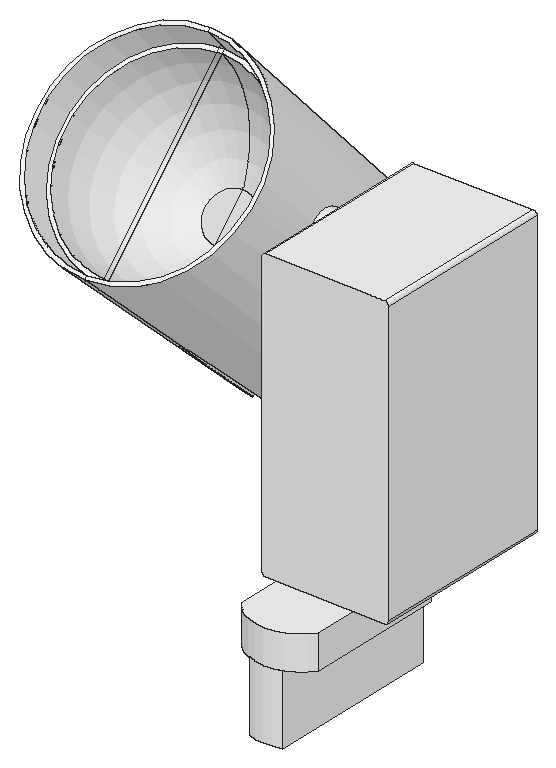
Revit family "0004925 Feilo Sylvania Lighting Fixture START TRACK SPOT S DALI 1944LM 930 MB WHT", category Lighting Fixtures, host Face, Revit 2017
Family settings
  Host = Face
  Round Connector Dimension = Use Diameter
  Part Type = Normal
  OmniClass Number = 23.80.70.00
  OmniClass Title = Lighting
  Cut with Voids When Loaded = No
  Light Source = No
  Shared = No
  Room Calculation Point = No
Parameters (values of type "0004925 START TRACK SPOT S DALI 1944LM 930 MB WHT")
  Weight = "0.966 kg"
  Wattage Comments = ""
  WarrantyStartDate [instance] = "n/a"
  WarrantyGuarantorParts = "n/a"
  WarrantyDurationUnit = "n/a"
  WarrantyDurationParts = "n/a"
  WarrantyDescription = "n/a"
  Voltage = 230 V
  URL = "http://www.sylvania-lighting.com/"
  TypeName = "START TRACK SPOT S DALI 1944LM 930 MB WHT"
  TypeHead_FEILO = Start Track Spot Head : 0004863 START TRACK SPOT S 24W 3K RA90 MB WHITE
  TypeBox_FEILO = Start Track Spot Box : Type Small White
  Type Image = <None>
  Type Comments = "n/a"
  VerticalRotation_FEILO [instance] = 0.00°
  SlideEndAngle_FEILO [instance] = VerticalRotation_FEILO + 180.00°  # 180.00°
  SerialNumber [instance] = "n/a"
  Material_3_FEILO = none
  PowerFactor = 0.95
  PowerConsumption = "24 W"
  NominalLength = 0 mm
  NominalHeight = 200 mm
  NominalDepth = 140 mm
  Name = "START TRACK SPOT S DALI 1944LM 930 MB WHT"
  ModelReference = Name  # "START TRACK SPOT S DALI 1944LM 930 MB WHT"
  ModelNumber = "0004925"
  Model = Name  # "START TRACK SPOT S DALI 1944LM 930 MB WHT"
  Material = "adc12 aluminium housing, polycarbonate diffuser"
  ManufacturerName = "Feilo Sylvania"
  Manufacturer = "Feilo Sylvania"
  LuminousEfficacy = "81 lm/W"
  LuminaireType = ""
  LightOutputRatio = "100"
  LampsType = Lamp  # "LED"
  LampNominalLuminous = "1944 lm"
  LampMacAdamStep = "3"
  LampColourTemperature = "3000 K"
  LampColourRenderingIndex = "90"
  Lamp = "LED"
  Keynote = "16500"
  InstallationDate [instance] = "n/a"
  InputVoltage = "230-240V~"
  InputNominalFrequency = "50/60 Hz"
  IngressProtection = "IP20"
  ImpactProtectionIndex = "IK02"
  IfcExportType = "IfcLightFixtureType"
  IfcExportAs = "IfcLightFixtureType"
  HorizontalRotation_FEILO [instance] = 45.00°
  ExpectedLife = 50000
  ElectricShockClassification = "Class II"
  DurationUnit = "hours"
  DocumentationLiterature = "http://www.sylvania-lighting.com/product/en-int/products/0004863"
  DimmingControlOptions = "Dimmable"
  Material_2_FEILO = none
  Description = "Integrated LED spotlight, Textured White - RAL9016, compact and minimalist design, ideal for retail applications, die-cast aluminium body, passive cooling heatsink. Beam angle: 36°, color temperature: 3000K , total system power: 24W, total fixture output: 1944 lm, LOR: 100%, colour rendering: Ra: 90 typical, LED Chromaticity: 3 step MacAdam ellipse, lifetime: >50000 hours at L70B50, energy class: A++, A+, A, IR/UV free light source without heat radiation, operating voltage: 220-240V / 50-60Hz, drive current: 600mA, electronic driver, non-dimmable, power factor: 0.95, electrical protection: Class II, Global Track 3 Phase adapter suitable for Global trac 3-circuit tracks, ingress protection rating: IP20, suitable for internal environment only, horizontal rotation: 355°, vertical tilt: 90°, dimensions: Ø86x140x200, weight: 0.966kg."
  Default Elevation = 1219.2 mm
  CreatedOn = "04/26/2018"
  CreatedBy = ""
  Cost = 0
  built-in parameter 1114216 [instance] = (empty or 0)
  ClassificationValue = "EF_70_80"
  ClassificationName = "Uniclass2015"
  Material_1_FEILO = Body-Sylvania-StartTrackSpot-White
  BarCode [instance] = "n/a"
  AssetType = "Fixed"
  AssetIdentifier [instance] = "n/a"
  Assembly Code = "D5020200"
  Apparent Load = 24 VA
  Material_4_FEILO = none
Reference planes
  plane 1 "Center (Front/Back)": y = 0
  plane 2: z = 0
  plane 3 "Center (Left/Right)": x = 0
  plane 4: x = 15
  plane 5: x = -15
  plane 6: y = 35
  plane 7: y = -35
  plane 8: z = 13
  plane 9: z = -27
  plane 10: x = 6.5
  plane 11: x = -6.5
  plane 12: y = 27
  plane 13: y = -27
  plane 14: y = 20
Forms (mm)
  Extrusion 1, solid, material "Body-Sylvania-StartTrackSpot-White" <- "Material_1_FEILO"
    sketch origin (0, 0, 0) x (1, 0, 0) y (0, 1, 0)
      loop
        line (-15, 27) -> (-15, -27)
        arc (-15, -27) -> (0, -35) -> (15, -27) r 18.062
        line (15, -27) -> (15, 27)
        arc (15, 27) -> (0, 35) -> (-15, 27) r 18.062
    from 0 to 13
  Extrusion 2, solid, material "Body-Sylvania-StartTrackSpot-White" <- "Material_1_FEILO"
    sketch origin (0, 0, 0) x (1, 0, 0) y (0, 1, 0)
      loop
        arc (6.5, 33.79) -> (0, 35) -> (-6.5, 33.79) r 18.062
        line (-6.5, 33.79) -> (-6.5, -33.79)
        arc (-6.5, -33.79) -> (0, -35) -> (6.5, -33.79) r 18.062
        line (6.5, -33.79) -> (6.5, 33.79)
    from 0 to -27
  Revolve 3, solid, not visible
    sketch origin (1524, 20, 1219.2) x (1, 0, 0) y (0, 0, 1)
      loop
        line (-1524, -1206.2) -> (-1524, -1191.285) -> (-1530.5, -1191.285) -> (-1530.5, -1206.2) -> (-1524, -1206.2)
      axis (-1524, -1191.285) -> (-1524, -1206.2)
    angle from 0 <- "VerticalRotation_FEILO" to 180 <- "SlideEndAngle_FEILO"
Cuts and joins
  joined: Extrusion 1, Extrusion 2
Dimensions and locks
  equal spacing: plane 10, plane 3 "Center (Left/Right)", plane 11
  equal spacing: plane 4, plane 3 "Center (Left/Right)", plane 5
  locked: plane 8 to plane 2 at 13
  locked: plane 8 to plane 9 at 40
  equal spacing: plane 13, plane 1 "Center (Front/Back)", plane 12
  locked: plane 12 to plane 6 at 8
  locked: plane 14 to plane 6 at 15
  locked: Revolve 3 sketch curve to plane 8 at 14.915
  aligned and locked: plane 2 to host face
  aligned and locked: level to host face
  aligned and locked: plane 5 to Extrusion 1 sketch curve  (x2)
  aligned and locked: plane 12 to Extrusion 1 sketch curve
  aligned and locked: plane 13 to Extrusion 1 sketch curve
  aligned and locked: plane 4 to Extrusion 1 sketch curve
  aligned and locked: Extrusion 1 to plane 8
  aligned and locked: Extrusion 1 to level
  aligned and locked: Extrusion 2 sketch curve to Extrusion 1  (x2)
  aligned and locked: Extrusion 2 sketch curve to plane 11
  aligned and locked: plane 10 to Extrusion 2 sketch curve
  aligned and locked: plane 9 to Extrusion 2
  aligned and locked: level to Extrusion 2
  aligned and locked: Revolve 3 sketch curve to plane 3 "Center (Left/Right)"  (x2)
  aligned and locked: plane 11 to Revolve 3 sketch curve
  aligned and locked: Revolve 3 sketch curve to plane 8
Automatic sketch dimensions
  host sketch curve to host sketch curve = 2438.4 mm  (x2)
  Extrusion 1 sketch curve to plane 3 "Center (Left/Right)" = 0 mm  (x2)
  Extrusion 1 sketch curve to plane 13 = 10.062 mm
  plane 12 to Extrusion 1 sketch curve = 10.062 mm
  Revolve 3 sketch curve to plane 3 "Center (Left/Right)" = 0 mm
  plane 9 to Revolve 3 sketch curve = 582.6 mm
  Revolve 3 sketch curve to Revolve 3 sketch curve = 2581.144 mm
Nested families
  nested 1: "Start Track Spot Head" at (-62, 20, 112.529) x (0, 0.7071, 0.7071) z (0, 0.7071, -0.7071), type <- "TypeHead_FEILO", type "0004863 START TRACK SPOT S 24W 3K RA90 MB WHITE"
    with built-in parameter 1114216 (empty or 0)
  nested 2: "Start Track Spot Box" at (8.5, 20, 73) x (-1, 0, 0) z (0, -1, 0), BoxStartAngle_FEILO <- "HorizontalRotation_FEILO", type <- "TypeBox_FEILO", type "Type Small White"
    with BoxStartAngle_FEILO 45.00°, BoxEndAngle_FEILO -135.00°
Connectors
  electrical at (0, 0, 0), driven by "Apparent Load", driven by "PowerFactor", driven by "Voltage"
    settings: index 1, voltage 230 V, apparent load 24 VA, apparent load phase1 0 VA, apparent load phase2 0 VA, apparent load phase3 0 VA, power factor 0.95, load classification "Lighting", number of poles 1, system type 30, power factor state 1, is connector primary yes, connector utility no, sub classification motor no, connector description ""
Definition of nested family "Start Track Spot Head"
  Parameters (values of type "0004811 START TRACK SPOT S 14W 3K RA80 NB WHITE")
    Wattage Comments = "n/a"
    Wattage = 14 W
    built-in parameter 1150110 = 1 (stored number, unit not read)
    URL = "http://www.feilosylvania.com"
    Type Image = (empty or 0)
    Type Comments = "n/a"
    built-in parameter 1114217 = 1 (stored number, unit not read)
    Tilt Angle = -90.00°
    built-in parameter 1150109 = 1 (stored number, unit not read)
    built-in parameter 1150134 = (empty or 0)
    built-in parameter 1150113 = 1 (stored number, unit not read)
    Photometric Web File = "0004811.ies"
    Material_3_FEILO = none
    Model = "START TRACK SPOT S 14W 3K RA80 NB WHITE"
    Manufacturer = "Feilo Sylvania"
    built-in parameter 1150105 = 123.66 (stored number, unit not read)
    Lumens = 1554 lm
    built-in parameter 1150115 = 1 (stored number, unit not read)
    built-in parameter 1150137 = (empty or 0)
    built-in parameter 1150139 = (empty or 0)
    built-in parameter 1150112 = 1 (stored number, unit not read)
    built-in parameter 1150114 = 1 (stored number, unit not read)
    Lamp = "LED"
    Keynote = "16500"
    Material_2_FEILO = none
    built-in parameter 1150132 = (empty or 0)
    built-in parameter 1150102 = (empty or 0)
    built-in parameter 1150107 = 3000 (stored number, unit not read)
    built-in parameter 1150138 = (empty or 0)
    built-in parameter 1150106 = 1.2366 (stored number, unit not read)
    HeadThickness_FEILO = if(HeadDiaOut_FEILO > 112 mm, 2 mm, 1.5 mm)  # 1.5 mm
    HeadRibOffset_FEILO = HeadHeight_FEILO / 28  # 4.179 mm
    HeadRibDepth_FEILO = HeadHeight_FEILO / 2.1  # 55.714 mm
    HeadRibCutWidth_FEILO = HeadDiaOut_FEILO / 12  # 7.167 mm
    HeadRibCutOffset_FEILO = HeadHeight_FEILO / 2.3  # 50.87 mm
    HeadReflectorRadius_FEILO = HeadDiaOut_FEILO / 1.7  # 50.588 mm
    HeadReflectorOffset_FEILO = HeadHeight_FEILO / 2.1  # 55.714 mm
    HeadLEDRadius_FEILO = HeadDiaOut_FEILO / 9  # 9.556 mm
    HeadHeight_FEILO = 117 mm
    HeadDraft_FEILO = 1 mm
    HeadDiffusorThickness_FEILO = 3 mm
    HeadDiffusorOffset_FEILO = HeadHeight_FEILO / 12.4  # 9.435 mm
    HeadDiaOut_FEILO = 86 mm
    HeadDiaIn_FEILO = HeadDiaOut_FEILO / 1.11  # 77.477 mm
    HeadAxisFromTop_FEILO = HeadHeight_FEILO / 1.687  # 69.354 mm
    Emit from Circle Diameter = HeadDiaIn_FEILO  # 77.477 mm
    Emit Shape Visible in Rendering = no
    built-in parameter 1150104 = 10.312 (stored number, unit not read)
    Dimming Lamp Color Temperature Shift = (empty or 0)
    Description = "Integrated LED spotlight, Textured White - RAL9016, compact and minimalist design, ideal for retail applications, die-cast aluminium body, passive cooling heatsink. Beam angle: 12°, color temperature: 3000K , total system power: 14W, total fixture output: 1551 lm, LOR: 100%, colour rendering: Ra: 80 typical, LED Chromaticity: 3 step MacAdam ellipse, lifetime: >50000 hours at L70B50, energy class: A++, A+, A, IR/UV free light source without heat radiation, operating voltage: 220-240V / 50-60Hz, drive current: 350mA, electronic driver, non-dimmable, power factor: 0.92, electrical protection: Class II, Global Track 3 Phase adapter suitable for Global trac 3-circuit tracks, ingress protection rating: IP20, suitable for internal environment only, horizontal rotation: 355°, vertical tilt: 90°, dimensions: Ø86x140x200, weight: 0.940kg."
    Default Elevation = 1219.2 mm
    Cost = 0
    Color Filter = 16777215
    built-in parameter 1114216 [instance] = (empty or 0)
    Material_1_FEILO = none
    built-in parameter 1114218 = 1 (stored number, unit not read)
    built-in parameter 1150133 = 10 (stored number, unit not read)
    Assembly Code = "D5020200"
    Apparent Load = 14 VA
    Material_4_FEILO = none
  Types (96, lengths in mm): name | Wattage | built-in parameter 1150134 | Photometric Web File | Model | built-in parameter 1150105 | Lumens | built-in parameter 1150107 | built-in parameter 1150106 | HeadThickness_FEILO | HeadRibOffset_FEILO | HeadRibDepth_FEILO | HeadRibCutWidth_FEILO | HeadRibCutOffset_FEILO | HeadReflectorRadius_FEILO | HeadReflectorOffset_FEILO | HeadLEDRadius_FEILO | HeadHeight_FEILO | HeadDiffusorOffset_FEILO | HeadDiaOut_FEILO | HeadDiaIn_FEILO | HeadAxisFromTop_FEILO | Emit from Circle Diameter | built-in parameter 1150104 | Description | Apparent Load
    0004906 START TRACK SPOT L 55W 4K RA90 WB BLACK | 55 W | 12 | "0004906.ies" | "START TRACK SPOT L 55W 4K RA90 WB BLACK" | 385.15 (stored number, unit not read) | 4840 lm | 4000 (stored number, unit not read) | 3.8515 (stored number, unit not read) | 2 | 4.429 | 59.048 | 9.417 | 53.913 | 66.471 | 59.048 | 12.556 | 124 | 10 | 113 | 101.802 | 73.503 | 101.802 | 8.1755 (stored number, unit not read) | "Integrated LED spotlight, Textured Black - RAL9005, compact and minimalist design, ideal for retail applications, die-cast aluminium body, passive cooling heatsink. Beam angle: 52°, color temperature: 4000K , total system power: 55W, total fixture output: 4824 lm, LOR: 100%, colour rendering: Ra: 90 typical, LED Chromaticity: 3 step MacAdam ellipse, lifetime: >50000 hours at L70B50, energy class: A++, A+, A, IR/UV free light source without heat radiation, operating voltage: 220-240V / 50-60Hz, drive current: 1400mA, electronic driver, non-dimmable, power factor: 0.96, electrical protection: Class II, Global Track 3 Phase adapter suitable for Global trac 3-circuit tracks, ingress protection rating: IP20, suitable for internal environment only, horizontal rotation: 355°, vertical tilt: 90°, dimensions: Ø113x164x240, weight: 1.398kg." | 55 VA
    0004905 START TRACK SPOT L 55W 4K RA90 MB BLACK | 55 W | 12 | "0004905.ies" | "START TRACK SPOT L 55W 4K RA90 MB BLACK" | 389.53 (stored number, unit not read) | 4895 lm | 4000 (stored number, unit not read) | 3.8953 (stored number, unit not read) | 2 | 4.429 | 59.048 | 9.417 | 53.913 | 66.471 | 59.048 | 12.556 | 124 | 10 | 113 | 101.802 | 73.503 | 101.802 | 8.2684 (stored number, unit not read) | "Integrated LED spotlight, Textured Black - RAL9005, compact and minimalist design, ideal for retail applications, die-cast aluminium body, passive cooling heatsink. Beam angle: 38°, color temperature: 4000K , total system power: 55W, total fixture output: 4897 lm, LOR: 100%, colour rendering: Ra: 90 typical, LED Chromaticity: 3 step MacAdam ellipse, lifetime: >50000 hours at L70B50, energy class: A++, A+, A, IR/UV free light source without heat radiation, operating voltage: 220-240V / 50-60Hz, drive current: 1400mA, electronic driver, non-dimmable, power factor: 0.96, electrical protection: Class II, Global Track 3 Phase adapter suitable for Global trac 3-circuit tracks, ingress protection rating: IP20, suitable for internal environment only, horizontal rotation: 355°, vertical tilt: 90°, dimensions: Ø113x164x240, weight: 1.398kg." | 55 VA
    0004904 START TRACK SPOT L 55W 4K RA90 NB BLACK | 55 W | 12 | "0004904.ies" | "START TRACK SPOT L 55W 4K RA90 NB BLACK" | 393.91 (stored number, unit not read) | 4950 lm | 4000 (stored number, unit not read) | 3.9391 (stored number, unit not read) | 2 | 4.429 | 59.048 | 9.417 | 53.913 | 66.471 | 59.048 | 12.556 | 124 | 10 | 113 | 101.802 | 73.503 | 101.802 | 8.3613 (stored number, unit not read) | "Integrated LED spotlight, Textured Black - RAL9005, compact and minimalist design, ideal for retail applications, die-cast aluminium body, passive cooling heatsink. Beam angle: 15°, color temperature: 4000K , total system power: 55W, total fixture output: 4965 lm, LOR: 100%, colour rendering: Ra: 90 typical, LED Chromaticity: 3 step MacAdam ellipse, lifetime: >50000 hours at L70B50, energy class: A++, A+, A, IR/UV free light source without heat radiation, operating voltage: 220-240V / 50-60Hz, drive current: 1400mA, electronic driver, non-dimmable, power factor: 0.96, electrical protection: Class II, Global Track 3 Phase adapter suitable for Global trac 3-circuit tracks, ingress protection rating: IP20, suitable for internal environment only, horizontal rotation: 355°, vertical tilt: 90°, dimensions: Ø113x164x240, weight: 1.398kg." | 55 VA
    0004903 START TRACK SPOT L 35W 4K RA90 WB BLACK | 35 W | 12 | "0004903.ies" | "START TRACK SPOT L 35W 4K RA90 WB BLACK" | 284.09 (stored number, unit not read) | 3570 lm | 4000 (stored number, unit not read) | 2.8409 (stored number, unit not read) | 2 | 4.429 | 59.048 | 9.417 | 53.913 | 66.471 | 59.048 | 12.556 | 124 | 10 | 113 | 101.802 | 73.503 | 101.802 | 9.4761 (stored number, unit not read) | "Integrated LED spotlight, Textured Black - RAL9005, compact and minimalist design, ideal for retail applications, die-cast aluminium body, passive cooling heatsink. Beam angle: 52°, color temperature: 4000K , total system power: 35W, total fixture output: 3562 lm, LOR: 100%, colour rendering: Ra: 90 typical, LED Chromaticity: 3 step MacAdam ellipse, lifetime: >50000 hours at L70B50, energy class: A++, A+, A, IR/UV free light source without heat radiation, operating voltage: 220-240V / 50-60Hz, drive current: 900mA, electronic driver, non-dimmable, power factor: 0.93, electrical protection: Class II, Global Track 3 Phase adapter suitable for Global trac 3-circuit tracks, ingress protection rating: IP20, suitable for internal environment only, horizontal rotation: 355°, vertical tilt: 90°, dimensions: Ø113x164x240, weight: 1.368kg." | 35 VA
    0004902 START TRACK SPOT L 35W 4K RA90 MB BLACK | 35 W | 12 | "0004902.ies" | "START TRACK SPOT L 35W 4K RA90 MB BLACK" | 286.88 (stored number, unit not read) | 3605 lm | 4000 (stored number, unit not read) | 2.8688 (stored number, unit not read) | 2 | 4.429 | 59.048 | 9.417 | 53.913 | 66.471 | 59.048 | 12.556 | 124 | 10 | 113 | 101.802 | 73.503 | 101.802 | 9.569 (stored number, unit not read) | "Integrated LED spotlight, Textured Black - RAL9005, compact and minimalist design, ideal for retail applications, die-cast aluminium body, passive cooling heatsink. Beam angle: 38°, color temperature: 4000K , total system power: 35W, total fixture output: 3616 lm, LOR: 100%, colour rendering: Ra: 90 typical, LED Chromaticity: 3 step MacAdam ellipse, lifetime: >50000 hours at L70B50, energy class: A++, A+, A, IR/UV free light source without heat radiation, operating voltage: 220-240V / 50-60Hz, drive current: 900mA, electronic driver, non-dimmable, power factor: 0.93, electrical protection: Class II, Global Track 3 Phase adapter suitable for Global trac 3-circuit tracks, ingress protection rating: IP20, suitable for internal environment only, horizontal rotation: 355°, vertical tilt: 90°, dimensions: Ø113x164x240, weight: 1.368kg." | 35 VA
    0004901 START TRACK SPOT L 35W 4K RA90 NB BLACK | 35 W | 12 | "0004901.ies" | "START TRACK SPOT L 35W 4K RA90 NB BLACK" | 286.88 (stored number, unit not read) | 3605 lm | 4000 (stored number, unit not read) | 2.8688 (stored number, unit not read) | 2 | 4.429 | 59.048 | 9.417 | 53.913 | 66.471 | 59.048 | 12.556 | 124 | 10 | 113 | 101.802 | 73.503 | 101.802 | 9.569 (stored number, unit not read) | "Integrated LED spotlight, Textured Black - RAL9005, compact and minimalist design, ideal for retail applications, die-cast aluminium body, passive cooling heatsink. Beam angle: 15°, color temperature: 4000K , total system power: 35W, total fixture output: 3593 lm, LOR: 100%, colour rendering: Ra: 90 typical, LED Chromaticity: 3 step MacAdam ellipse, lifetime: >50000 hours at L70B50, energy class: A++, A+, A, IR/UV free light source without heat radiation, operating voltage: 220-240V / 50-60Hz, drive current: 900mA, electronic driver, non-dimmable, power factor: 0.93, electrical protection: Class II, Global Track 3 Phase adapter suitable for Global trac 3-circuit tracks, ingress protection rating: IP20, suitable for internal environment only, horizontal rotation: 355°, vertical tilt: 90°, dimensions: Ø113x164x240, weight: 1.368kg." | 35 VA
    0004900 START TRACK SPOT S 24W 4K RA90 WB BLACK | 24 W | 12 | "0004900.ies" | "START TRACK SPOT S 24W 4K RA90 WB BLACK" | 166.16 (stored number, unit not read) | 2088 lm | 4000 (stored number, unit not read) | 1.6616 (stored number, unit not read) | 1.5 | 4.179 | 55.714 | 7.167 | 50.87 | 50.588 | 55.714 | 9.556 | 117 | 9.435 | 86 | 77.477 | 69.354 | 77.477 | 8.0826 (stored number, unit not read) | "Integrated LED spotlight, Textured Black - RAL9005, compact and minimalist design, ideal for retail applications, die-cast aluminium body, passive cooling heatsink. Beam angle: 64°, color temperature: 4000K , total system power: 24W, total fixture output: 2087 lm, LOR: 100%, colour rendering: Ra: 90 typical, LED Chromaticity: 3 step MacAdam ellipse, lifetime: >50000 hours at L70B50, energy class: A++, A+, A, IR/UV free light source without heat radiation, operating voltage: 220-240V / 50-60Hz, drive current: 600mA, electronic driver, non-dimmable, power factor: 0.95, electrical protection: Class II, Global Track 3 Phase adapter suitable for Global trac 3-circuit tracks, ingress protection rating: IP20, suitable for internal environment only, horizontal rotation: 355°, vertical tilt: 90°, dimensions: Ø86x140x200, weight: 0.966kg." | 24 VA
    0004899 START TRACK SPOT S 24W 4K RA90 MB BLACK | 24 W | 12 | "0004899.ies" | "START TRACK SPOT S 24W 4K RA90 MB BLACK" | 169.98 (stored number, unit not read) | 2136 lm | 4000 (stored number, unit not read) | 1.6998 (stored number, unit not read) | 1.5 | 4.179 | 55.714 | 7.167 | 50.87 | 50.588 | 55.714 | 9.556 | 117 | 9.435 | 86 | 77.477 | 69.354 | 77.477 | 8.2684 (stored number, unit not read) | "Integrated LED spotlight, Textured Black - RAL9005, compact and minimalist design, ideal for retail applications, die-cast aluminium body, passive cooling heatsink. Beam angle: 36°, color temperature: 4000K , total system power: 24W, total fixture output: 2141 lm, LOR: 100%, colour rendering: Ra: 90 typical, LED Chromaticity: 3 step MacAdam ellipse, lifetime: >50000 hours at L70B50, energy class: A++, A+, A, IR/UV free light source without heat radiation, operating voltage: 220-240V / 50-60Hz, drive current: 600mA, electronic driver, non-dimmable, power factor: 0.95, electrical protection: Class II, Global Track 3 Phase adapter suitable for Global trac 3-circuit tracks, ingress protection rating: IP20, suitable for internal environment only, horizontal rotation: 355°, vertical tilt: 90°, dimensions: Ø86x140x200, weight: 0.966kg." | 24 VA
    0004898 START TRACK SPOT S 24W 4K RA90 NB BLACK | 24 W | 12 | "0004898.ies" | "START TRACK SPOT S 24W 4K RA90 NB BLACK" | 171.89 (stored number, unit not read) | 2160 lm | 4000 (stored number, unit not read) | 1.7189 (stored number, unit not read) | 1.5 | 4.179 | 55.714 | 7.167 | 50.87 | 50.588 | 55.714 | 9.556 | 117 | 9.435 | 86 | 77.477 | 69.354 | 77.477 | 8.3613 (stored number, unit not read) | "Integrated LED spotlight, Textured Black - RAL9005, compact and minimalist design, ideal for retail applications, die-cast aluminium body, passive cooling heatsink. Beam angle: 12°, color temperature: 4000K , total system power: 24W, total fixture output: 2155 lm, LOR: 100%, colour rendering: Ra: 90 typical, LED Chromaticity: 3 step MacAdam ellipse, lifetime: >50000 hours at L70B50, energy class: A++, A+, A, IR/UV free light source without heat radiation, operating voltage: 220-240V / 50-60Hz, drive current: 600mA, electronic driver, non-dimmable, power factor: 0.95, electrical protection: Class II, Global Track 3 Phase adapter suitable for Global trac 3-circuit tracks, ingress protection rating: IP20, suitable for internal environment only, horizontal rotation: 355°, vertical tilt: 90°, dimensions: Ø86x140x200, weight: 0.966kg." | 24 VA
    0004897 START TRACK SPOT S 14W 4K RA90 WB BLACK | 14 W | 12 | "0004897.ies" | "START TRACK SPOT S 14W 4K RA90 WB BLACK" | 108.07 (stored number, unit not read) | 1358 lm | 4000 (stored number, unit not read) | 1.0807 (stored number, unit not read) | 1.5 | 4.179 | 55.714 | 7.167 | 50.87 | 50.588 | 55.714 | 9.556 | 117 | 9.435 | 86 | 77.477 | 69.354 | 77.477 | 9.0116 (stored number, unit not read) | "Integrated LED spotlight, Textured Black - RAL9005, compact and minimalist design, ideal for retail applications, die-cast aluminium body, passive cooling heatsink. Beam angle: 64°, color temperature: 4000K , total system power: 14W, total fixture output: 1352 lm, LOR: 100%, colour rendering: Ra: 90 typical, LED Chromaticity: 3 step MacAdam ellipse, lifetime: >50000 hours at L70B50, energy class: A++, A+, A, IR/UV free light source without heat radiation, operating voltage: 220-240V / 50-60Hz, drive current: 350mA, electronic driver, non-dimmable, power factor: 0.92, electrical protection: Class II, Global Track 3 Phase adapter suitable for Global trac 3-circuit tracks, ingress protection rating: IP20, suitable for internal environment only, horizontal rotation: 355°, vertical tilt: 90°, dimensions: Ø86x140x200, weight: 0.940kg." | 14 VA
    0004896 START TRACK SPOT S 14W 4K RA90 MB BLACK | 14 W | 12 | "0004896.ies" | "START TRACK SPOT S 14W 4K RA90 MB BLACK" | 108.07 (stored number, unit not read) | 1358 lm | 4000 (stored number, unit not read) | 1.0807 (stored number, unit not read) | 1.5 | 4.179 | 55.714 | 7.167 | 50.87 | 50.588 | 55.714 | 9.556 | 117 | 9.435 | 86 | 77.477 | 69.354 | 77.477 | 9.0116 (stored number, unit not read) | "Integrated LED spotlight, Textured Black - RAL9005, compact and minimalist design, ideal for retail applications, die-cast aluminium body, passive cooling heatsink. Beam angle: 36°, color temperature: 4000K , total system power: 14W, total fixture output: 1359 lm, LOR: 100%, colour rendering: Ra: 90 typical, LED Chromaticity: 3 step MacAdam ellipse, lifetime: >50000 hours at L70B50, energy class: A++, A+, A, IR/UV free light source without heat radiation, operating voltage: 220-240V / 50-60Hz, drive current: 350mA, electronic driver, non-dimmable, power factor: 0.92, electrical protection: Class II, Global Track 3 Phase adapter suitable for Global trac 3-circuit tracks, ingress protection rating: IP20, suitable for internal environment only, horizontal rotation: 355°, vertical tilt: 90°, dimensions: Ø86x140x200, weight: 0.940kg." | 14 VA
    0004895 START TRACK SPOT S 14W 4K RA90 NB BLACK | 14 W | 12 | "0004895.ies" | "START TRACK SPOT S 14W 4K RA90 NB BLACK" | 106.95 (stored number, unit not read) | 1344 lm | 4000 (stored number, unit not read) | 1.0695 (stored number, unit not read) | 1.5 | 4.179 | 55.714 | 7.167 | 50.87 | 50.588 | 55.714 | 9.556 | 117 | 9.435 | 86 | 77.477 | 69.354 | 77.477 | 8.9187 (stored number, unit not read) | "Integrated LED spotlight, Textured Black - RAL9005, compact and minimalist design, ideal for retail applications, die-cast aluminium body, passive cooling heatsink. Beam angle: 12°, color temperature: 4000K , total system power: 14W, total fixture output: 1349 lm, LOR: 100%, colour rendering: Ra: 90 typical, LED Chromaticity: 3 step MacAdam ellipse, lifetime: >50000 hours at L70B50, energy class: A++, A+, A, IR/UV free light source without heat radiation, operating voltage: 220-240V / 50-60Hz, drive current: 350mA, electronic driver, non-dimmable, power factor: 0.92, electrical protection: Class II, Global Track 3 Phase adapter suitable for Global trac 3-circuit tracks, ingress protection rating: IP20, suitable for internal environment only, horizontal rotation: 355°, vertical tilt: 90°, dimensions: Ø86x140x200, weight: 0.940kg." | 14 VA
    0004894 START TRACK SPOT L 55W 3K RA90 WB BLACK | 55 W | (empty or 0) | "0004894.ies" | "START TRACK SPOT L 55W 3K RA90 WB BLACK" | 350.14 (stored number, unit not read) | 4400 lm | 3000 (stored number, unit not read) | 3.5014 (stored number, unit not read) | 2 | 4.429 | 59.048 | 9.417 | 53.913 | 66.471 | 59.048 | 12.556 | 124 | 10 | 113 | 101.802 | 73.503 | 101.802 | 7.4322 (stored number, unit not read) | "Integrated LED spotlight, Textured Black - RAL9005, compact and minimalist design, ideal for retail applications, die-cast aluminium body, passive cooling heatsink. Beam angle: 52°, color temperature: 3000K , total system power: 55W, total fixture output: 4405 lm, LOR: 100%, colour rendering: Ra: 90 typical, LED Chromaticity: 3 step MacAdam ellipse, lifetime: >50000 hours at L70B50, energy class: A++, A+, A, IR/UV free light source without heat radiation, operating voltage: 220-240V / 50-60Hz, drive current: 1400mA, electronic driver, non-dimmable, power factor: 0.96, electrical protection: Class II, Global Track 3 Phase adapter suitable for Global trac 3-circuit tracks, ingress protection rating: IP20, suitable for internal environment only, horizontal rotation: 355°, vertical tilt: 90°, dimensions: Ø113x164x240, weight: 1.398kg." | 55 VA
    0004893 START TRACK SPOT L 55W 3K RA90 MB BLACK | 55 W | (empty or 0) | "0004893.ies" | "START TRACK SPOT L 55W 3K RA90 MB BLACK" | 354.52 (stored number, unit not read) | 4455 lm | 3000 (stored number, unit not read) | 3.5452 (stored number, unit not read) | 2 | 4.429 | 59.048 | 9.417 | 53.913 | 66.471 | 59.048 | 12.556 | 124 | 10 | 113 | 101.802 | 73.503 | 101.802 | 7.5251 (stored number, unit not read) | "Integrated LED spotlight, Textured Black - RAL9005, compact and minimalist design, ideal for retail applications, die-cast aluminium body, passive cooling heatsink. Beam angle: 38°, color temperature: 3000K , total system power: 55W, total fixture output: 4448 lm, LOR: 100%, colour rendering: Ra: 90 typical, LED Chromaticity: 3 step MacAdam ellipse, lifetime: >50000 hours at L70B50, energy class: A++, A+, A, IR/UV free light source without heat radiation, operating voltage: 220-240V / 50-60Hz, drive current: 1400mA, electronic driver, non-dimmable, power factor: 0.96, electrical protection: Class II, Global Track 3 Phase adapter suitable for Global trac 3-circuit tracks, ingress protection rating: IP20, suitable for internal environment only, horizontal rotation: 355°, vertical tilt: 90°, dimensions: Ø113x164x240, weight: 1.398kg." | 55 VA
    0004892 START TRACK SPOT L 55W 3K RA90 NB BLACK | 55 W | (empty or 0) | "0004892.ies" | "START TRACK SPOT L 55W 3K RA90 NB BLACK" | 350.14 (stored number, unit not read) | 4400 lm | 3000 (stored number, unit not read) | 3.5014 (stored number, unit not read) | 2 | 4.429 | 59.048 | 9.417 | 53.913 | 66.471 | 59.048 | 12.556 | 124 | 10 | 113 | 101.802 | 73.503 | 101.802 | 7.4322 (stored number, unit not read) | "Integrated LED spotlight, Textured Black - RAL9005, compact and minimalist design, ideal for retail applications, die-cast aluminium body, passive cooling heatsink. Beam angle: 15°, color temperature: 3000K , total system power: 55W, total fixture output: 4416 lm, LOR: 100%, colour rendering: Ra: 90 typical, LED Chromaticity: 3 step MacAdam ellipse, lifetime: >50000 hours at L70B50, energy class: A++, A+, A, IR/UV free light source without heat radiation, operating voltage: 220-240V / 50-60Hz, drive current: 1400mA, electronic driver, non-dimmable, power factor: 0.96, electrical protection: Class II, Global Track 3 Phase adapter suitable for Global trac 3-circuit tracks, ingress protection rating: IP20, suitable for internal environment only, horizontal rotation: 355°, vertical tilt: 90°, dimensions: Ø113x164x240, weight: 1.398kg." | 55 VA
    0004891 START TRACK SPOT L 35W 3K RA90 WB BLACK | 35 W | (empty or 0) | "0004891.ies" | "START TRACK SPOT L 35W 3K RA90 WB BLACK" | 259.02 (stored number, unit not read) | 3255 lm | 3000 (stored number, unit not read) | 2.5902 (stored number, unit not read) | 2 | 4.429 | 59.048 | 9.417 | 53.913 | 66.471 | 59.048 | 12.556 | 124 | 10 | 113 | 101.802 | 73.503 | 101.802 | 8.64 (stored number, unit not read) | "Integrated LED spotlight, Textured Black - RAL9005, compact and minimalist design, ideal for retail applications, die-cast aluminium body, passive cooling heatsink. Beam angle: 52°, color temperature: 3000K , total system power: 35W, total fixture output: 3260 lm, LOR: 100%, colour rendering: Ra: 90 typical, LED Chromaticity: 3 step MacAdam ellipse, lifetime: >50000 hours at L70B50, energy class: A++, A+, A, IR/UV free light source without heat radiation, operating voltage: 220-240V / 50-60Hz, drive current: 900mA, electronic driver, non-dimmable, power factor: 0.93, electrical protection: Class II, Global Track 3 Phase adapter suitable for Global trac 3-circuit tracks, ingress protection rating: IP20, suitable for internal environment only, horizontal rotation: 355°, vertical tilt: 90°, dimensions: Ø113x164x240, weight: 1.368kg." | 35 VA
    0004890 START TRACK SPOT L 35W 3K RA90 MB BLACK | 35 W | (empty or 0) | "0004890.ies" | "START TRACK SPOT L 35W 3K RA90 MB BLACK" | 261.81 (stored number, unit not read) | 3290 lm | 3000 (stored number, unit not read) | 2.6181 (stored number, unit not read) | 2 | 4.429 | 59.048 | 9.417 | 53.913 | 66.471 | 59.048 | 12.556 | 124 | 10 | 113 | 101.802 | 73.503 | 101.802 | 8.7329 (stored number, unit not read) | "Integrated LED spotlight, Textured Black - RAL9005, compact and minimalist design, ideal for retail applications, die-cast aluminium body, passive cooling heatsink. Beam angle: 38°, color temperature: 3000K , total system power: 35W, total fixture output: 3306 lm, LOR: 100%, colour rendering: Ra: 90 typical, LED Chromaticity: 3 step MacAdam ellipse, lifetime: >50000 hours at L70B50, energy class: A++, A+, A, IR/UV free light source without heat radiation, operating voltage: 220-240V / 50-60Hz, drive current: 900mA, electronic driver, non-dimmable, power factor: 0.93, electrical protection: Class II, Global Track 3 Phase adapter suitable for Global trac 3-circuit tracks, ingress protection rating: IP20, suitable for internal environment only, horizontal rotation: 355°, vertical tilt: 90°, dimensions: Ø113x164x240, weight: 1.368kg." | 35 VA
    0004889 START TRACK SPOT L 35W 3K RA90 NB BLACK | 35 W | (empty or 0) | "0004889.ies" | "START TRACK SPOT L 35W 3K RA90 NB BLACK" | 261.81 (stored number, unit not read) | 3290 lm | 3000 (stored number, unit not read) | 2.6181 (stored number, unit not read) | 2 | 4.429 | 59.048 | 9.417 | 53.913 | 66.471 | 59.048 | 12.556 | 124 | 10 | 113 | 101.802 | 73.503 | 101.802 | 8.7329 (stored number, unit not read) | "Integrated LED spotlight, Textured Black - RAL9005, compact and minimalist design, ideal for retail applications, die-cast aluminium body, passive cooling heatsink. Beam angle: 15°, color temperature: 3000K , total system power: 35W, total fixture output: 3287 lm, LOR: 100%, colour rendering: Ra: 90 typical, LED Chromaticity: 3 step MacAdam ellipse, lifetime: >50000 hours at L70B50, energy class: A++, A+, A, IR/UV free light source without heat radiation, operating voltage: 220-240V / 50-60Hz, drive current: 900mA, electronic driver, non-dimmable, power factor: 0.93, electrical protection: Class II, Global Track 3 Phase adapter suitable for Global trac 3-circuit tracks, ingress protection rating: IP20, suitable for internal environment only, horizontal rotation: 355°, vertical tilt: 90°, dimensions: Ø113x164x240, weight: 1.368kg." | 35 VA
    0004888 START TRACK SPOT S 24W 3K RA90 WB BLACK | 24 W | (empty or 0) | "0004888.ies" | "START TRACK SPOT S 24W 3K RA90 WB BLACK" | 152.79 (stored number, unit not read) | 1920 lm | 3000 (stored number, unit not read) | 1.5279 (stored number, unit not read) | 1.5 | 4.179 | 55.714 | 7.167 | 50.87 | 50.588 | 55.714 | 9.556 | 117 | 9.435 | 86 | 77.477 | 69.354 | 77.477 | 7.4322 (stored number, unit not read) | "Integrated LED spotlight, Textured Black - RAL9005, compact and minimalist design, ideal for retail applications, die-cast aluminium body, passive cooling heatsink. Beam angle: 64°, color temperature: 3000K , total system power: 24W, total fixture output: 1928 lm, LOR: 100%, colour rendering: Ra: 90 typical, LED Chromaticity: 3 step MacAdam ellipse, lifetime: >50000 hours at L70B50, energy class: A++, A+, A, IR/UV free light source without heat radiation, operating voltage: 220-240V / 50-60Hz, drive current: 600mA, electronic driver, non-dimmable, power factor: 0.95, electrical protection: Class II, Global Track 3 Phase adapter suitable for Global trac 3-circuit tracks, ingress protection rating: IP20, suitable for internal environment only, horizontal rotation: 355°, vertical tilt: 90°, dimensions: Ø86x140x200, weight: 0.966kg." | 24 VA
    0004887 START TRACK SPOT S 24W 3K RA90 MB BLACK | 24 W | (empty or 0) | "0004887.ies" | "START TRACK SPOT S 24W 3K RA90 MB BLACK" | 154.7 (stored number, unit not read) | 1944 lm | 3000 (stored number, unit not read) | 1.547 (stored number, unit not read) | 1.5 | 4.179 | 55.714 | 7.167 | 50.87 | 50.588 | 55.714 | 9.556 | 117 | 9.435 | 86 | 77.477 | 69.354 | 77.477 | 7.5251 (stored number, unit not read) | "Integrated LED spotlight, Textured Black - RAL9005, compact and minimalist design, ideal for retail applications, die-cast aluminium body, passive cooling heatsink. Beam angle: 36°, color temperature: 3000K , total system power: 24W, total fixture output: 1944 lm, LOR: 100%, colour rendering: Ra: 90 typical, LED Chromaticity: 3 step MacAdam ellipse, lifetime: >50000 hours at L70B50, energy class: A++, A+, A, IR/UV free light source without heat radiation, operating voltage: 220-240V / 50-60Hz, drive current: 600mA, electronic driver, non-dimmable, power factor: 0.95, electrical protection: Class II, Global Track 3 Phase adapter suitable for Global trac 3-circuit tracks, ingress protection rating: IP20, suitable for internal environment only, horizontal rotation: 355°, vertical tilt: 90°, dimensions: Ø86x140x200, weight: 0.966kg." | 24 VA
    0004886 START TRACK SPOT S 24W 3K RA90 NB BLACK | 24 W | (empty or 0) | "0004886.ies" | "START TRACK SPOT S 24W 3K RA90 NB BLACK" | 158.52 (stored number, unit not read) | 1992 lm | 3000 (stored number, unit not read) | 1.5852 (stored number, unit not read) | 1.5 | 4.179 | 55.714 | 7.167 | 50.87 | 50.588 | 55.714 | 9.556 | 117 | 9.435 | 86 | 77.477 | 69.354 | 77.477 | 7.711 (stored number, unit not read) | "Integrated LED spotlight, Textured Black - RAL9005, compact and minimalist design, ideal for retail applications, die-cast aluminium body, passive cooling heatsink. Beam angle: 12°, color temperature: 3000K , total system power: 24W, total fixture output: 1987 lm, LOR: 100%, colour rendering: Ra: 90 typical, LED Chromaticity: 3 step MacAdam ellipse, lifetime: >50000 hours at L70B50, energy class: A++, A+, A, IR/UV free light source without heat radiation, operating voltage: 220-240V / 50-60Hz, drive current: 600mA, electronic driver, non-dimmable, power factor: 0.95, electrical protection: Class II, Global Track 3 Phase adapter suitable for Global trac 3-circuit tracks, ingress protection rating: IP20, suitable for internal environment only, horizontal rotation: 355°, vertical tilt: 90°, dimensions: Ø86x140x200, weight: 0.966kg." | 24 VA
    0004885 START TRACK SPOT S 14W 3K RA90 WB BLACK | 14 W | (empty or 0) | "0004885.ies" | "START TRACK SPOT S 14W 3K RA90 WB BLACK" | 100.27 (stored number, unit not read) | 1260 lm | 3000 (stored number, unit not read) | 1.0027 (stored number, unit not read) | 1.5 | 4.179 | 55.714 | 7.167 | 50.87 | 50.588 | 55.714 | 9.556 | 117 | 9.435 | 86 | 77.477 | 69.354 | 77.477 | 8.3613 (stored number, unit not read) | "Integrated LED spotlight, Textured Black - RAL9005, compact and minimalist design, ideal for retail applications, die-cast aluminium body, passive cooling heatsink. Beam angle: 64°, color temperature: 3000K , total system power: 14W, total fixture output: 1262 lm, LOR: 100%, colour rendering: Ra: 90 typical, LED Chromaticity: 3 step MacAdam ellipse, lifetime: >50000 hours at L70B50, energy class: A++, A+, A, IR/UV free light source without heat radiation, operating voltage: 220-240V / 50-60Hz, drive current: 350mA, electronic driver, non-dimmable, power factor: 0.92, electrical protection: Class II, Global Track 3 Phase adapter suitable for Global trac 3-circuit tracks, ingress protection rating: IP20, suitable for internal environment only, horizontal rotation: 355°, vertical tilt: 90°, dimensions: Ø86x140x200, weight: 0.940kg." | 14 VA
    0004884 START TRACK SPOT S 14W 3K RA90 MB BLACK | 14 W | (empty or 0) | "0004884.ies" | "START TRACK SPOT S 14W 3K RA90 MB BLACK" | 100.27 (stored number, unit not read) | 1260 lm | 3000 (stored number, unit not read) | 1.0027 (stored number, unit not read) | 1.5 | 4.179 | 55.714 | 7.167 | 50.87 | 50.588 | 55.714 | 9.556 | 117 | 9.435 | 86 | 77.477 | 69.354 | 77.477 | 8.3613 (stored number, unit not read) | "Integrated LED spotlight, Textured Black - RAL9005, compact and minimalist design, ideal for retail applications, die-cast aluminium body, passive cooling heatsink. Beam angle: 36°, color temperature: 3000K , total system power: 14W, total fixture output: 1262 lm, LOR: 100%, colour rendering: Ra: 90 typical, LED Chromaticity: 3 step MacAdam ellipse, lifetime: >50000 hours at L70B50, energy class: A++, A+, A, IR/UV free light source without heat radiation, operating voltage: 220-240V / 50-60Hz, drive current: 350mA, electronic driver, non-dimmable, power factor: 0.92, electrical protection: Class II, Global Track 3 Phase adapter suitable for Global trac 3-circuit tracks, ingress protection rating: IP20, suitable for internal environment only, horizontal rotation: 355°, vertical tilt: 90°, dimensions: Ø86x140x200, weight: 0.940kg." | 14 VA
    0004883 START TRACK SPOT S 14W 3K RA90 NB BLACK | 14 W | (empty or 0) | "0004883.ies" | "START TRACK SPOT S 14W 3K RA90 NB BLACK" | 102.5 (stored number, unit not read) | 1288 lm | 3000 (stored number, unit not read) | 1.025 (stored number, unit not read) | 1.5 | 4.179 | 55.714 | 7.167 | 50.87 | 50.588 | 55.714 | 9.556 | 117 | 9.435 | 86 | 77.477 | 69.354 | 77.477 | 8.5471 (stored number, unit not read) | "Integrated LED spotlight, Textured Black - RAL9005, compact and minimalist design, ideal for retail applications, die-cast aluminium body, passive cooling heatsink. Beam angle: 12°, color temperature: 3000K , total system power: 14W, total fixture output: 1284 lm, LOR: 100%, colour rendering: Ra: 90 typical, LED Chromaticity: 3 step MacAdam ellipse, lifetime: >50000 hours at L70B50, energy class: A++, A+, A, IR/UV free light source without heat radiation, operating voltage: 220-240V / 50-60Hz, drive current: 350mA, electronic driver, non-dimmable, power factor: 0.92, electrical protection: Class II, Global Track 3 Phase adapter suitable for Global trac 3-circuit tracks, ingress protection rating: IP20, suitable for internal environment only, horizontal rotation: 355°, vertical tilt: 90°, dimensions: Ø86x140x200, weight: 0.940kg." | 14 VA
    0004882 START TRACK SPOT L 55W 4K RA90 WB WHITE | 55 W | 12 | "0004882.ies" | "START TRACK SPOT L 55W 4K RA90 WB WHITE" | 385.15 (stored number, unit not read) | 4840 lm | 4000 (stored number, unit not read) | 3.8515 (stored number, unit not read) | 2 | 4.429 | 59.048 | 9.417 | 53.913 | 66.471 | 59.048 | 12.556 | 124 | 10 | 113 | 101.802 | 73.503 | 101.802 | 8.1755 (stored number, unit not read) | "Integrated LED spotlight, Textured White - RAL9016, compact and minimalist design, ideal for retail applications, die-cast aluminium body, passive cooling heatsink. Beam angle: 52°, color temperature: 4000K , total system power: 55W, total fixture output: 4824 lm, LOR: 100%, colour rendering: Ra: 90 typical, LED Chromaticity: 3 step MacAdam ellipse, lifetime: >50000 hours at L70B50, energy class: A++, A+, A, IR/UV free light source without heat radiation, operating voltage: 220-240V / 50-60Hz, drive current: 1400mA, electronic driver, non-dimmable, power factor: 0.96, electrical protection: Class II, Global Track 3 Phase adapter suitable for Global trac 3-circuit tracks, ingress protection rating: IP20, suitable for internal environment only, horizontal rotation: 355°, vertical tilt: 90°, dimensions: Ø113x164x240, weight: 1.398kg." | 55 VA
    0004881 START TRACK SPOT L 55W 4K RA90 MB WHITE | 55 W | 12 | "0004881.ies" | "START TRACK SPOT L 55W 4K RA90 MB WHITE" | 389.53 (stored number, unit not read) | 4895 lm | 4000 (stored number, unit not read) | 3.8953 (stored number, unit not read) | 2 | 4.429 | 59.048 | 9.417 | 53.913 | 66.471 | 59.048 | 12.556 | 124 | 10 | 113 | 101.802 | 73.503 | 101.802 | 8.2684 (stored number, unit not read) | "Integrated LED spotlight, Textured White - RAL9016, compact and minimalist design, ideal for retail applications, die-cast aluminium body, passive cooling heatsink. Beam angle: 38°, color temperature: 4000K , total system power: 55W, total fixture output: 4897 lm, LOR: 100%, colour rendering: Ra: 90 typical, LED Chromaticity: 3 step MacAdam ellipse, lifetime: >50000 hours at L70B50, energy class: A++, A+, A, IR/UV free light source without heat radiation, operating voltage: 220-240V / 50-60Hz, drive current: 1400mA, electronic driver, non-dimmable, power factor: 0.96, electrical protection: Class II, Global Track 3 Phase adapter suitable for Global trac 3-circuit tracks, ingress protection rating: IP20, suitable for internal environment only, horizontal rotation: 355°, vertical tilt: 90°, dimensions: Ø113x164x240, weight: 1.398kg." | 55 VA
    0004880 START TRACK SPOT L 55W 4K RA90 NB WHITE | 55 W | 12 | "0004880.ies" | "START TRACK SPOT L 55W 4K RA90 NB WHITE" | 393.91 (stored number, unit not read) | 4950 lm | 4000 (stored number, unit not read) | 3.9391 (stored number, unit not read) | 2 | 4.429 | 59.048 | 9.417 | 53.913 | 66.471 | 59.048 | 12.556 | 124 | 10 | 113 | 101.802 | 73.503 | 101.802 | 8.3613 (stored number, unit not read) | "Integrated LED spotlight, Textured White - RAL9016, compact and minimalist design, ideal for retail applications, die-cast aluminium body, passive cooling heatsink. Beam angle: 15°, color temperature: 4000K , total system power: 55W, total fixture output: 4965 lm, LOR: 100%, colour rendering: Ra: 90 typical, LED Chromaticity: 3 step MacAdam ellipse, lifetime: >50000 hours at L70B50, energy class: A++, A+, A, IR/UV free light source without heat radiation, operating voltage: 220-240V / 50-60Hz, drive current: 1400mA, electronic driver, non-dimmable, power factor: 0.96, electrical protection: Class II, Global Track 3 Phase adapter suitable for Global trac 3-circuit tracks, ingress protection rating: IP20, suitable for internal environment only, horizontal rotation: 355°, vertical tilt: 90°, dimensions: Ø113x164x240, weight: 1.398kg." | 55 VA
    0004879 START TRACK SPOT L 35W 4K RA90 WB WHITE | 35 W | 12 | "0004879.ies" | "START TRACK SPOT L 35W 4K RA90 WB WHITE" | 284.09 (stored number, unit not read) | 3570 lm | 4000 (stored number, unit not read) | 2.8409 (stored number, unit not read) | 2 | 4.429 | 59.048 | 9.417 | 53.913 | 66.471 | 59.048 | 12.556 | 124 | 10 | 113 | 101.802 | 73.503 | 101.802 | 9.4761 (stored number, unit not read) | "Integrated LED spotlight, Textured White - RAL9016, compact and minimalist design, ideal for retail applications, die-cast aluminium body, passive cooling heatsink. Beam angle: 52°, color temperature: 4000K , total system power: 35W, total fixture output: 3562 lm, LOR: 100%, colour rendering: Ra: 90 typical, LED Chromaticity: 3 step MacAdam ellipse, lifetime: >50000 hours at L70B50, energy class: A++, A+, A, IR/UV free light source without heat radiation, operating voltage: 220-240V / 50-60Hz, drive current: 900mA, electronic driver, non-dimmable, power factor: 0.93, electrical protection: Class II, Global Track 3 Phase adapter suitable for Global trac 3-circuit tracks, ingress protection rating: IP20, suitable for internal environment only, horizontal rotation: 355°, vertical tilt: 90°, dimensions: Ø113x164x240, weight: 1.368kg." | 35 VA
    0004878 START TRACK SPOT L 35W 4K RA90 MB WHITE | 35 W | 12 | "0004878.ies" | "START TRACK SPOT L 35W 4K RA90 MB WHITE" | 286.88 (stored number, unit not read) | 3605 lm | 4000 (stored number, unit not read) | 2.8688 (stored number, unit not read) | 2 | 4.429 | 59.048 | 9.417 | 53.913 | 66.471 | 59.048 | 12.556 | 124 | 10 | 113 | 101.802 | 73.503 | 101.802 | 9.569 (stored number, unit not read) | "Integrated LED spotlight, Textured White - RAL9016, compact and minimalist design, ideal for retail applications, die-cast aluminium body, passive cooling heatsink. Beam angle: 38°, color temperature: 4000K , total system power: 35W, total fixture output: 3616 lm, LOR: 100%, colour rendering: Ra: 90 typical, LED Chromaticity: 3 step MacAdam ellipse, lifetime: >50000 hours at L70B50, energy class: A++, A+, A, IR/UV free light source without heat radiation, operating voltage: 220-240V / 50-60Hz, drive current: 900mA, electronic driver, non-dimmable, power factor: 0.93, electrical protection: Class II, Global Track 3 Phase adapter suitable for Global trac 3-circuit tracks, ingress protection rating: IP20, suitable for internal environment only, horizontal rotation: 355°, vertical tilt: 90°, dimensions: Ø113x164x240, weight: 1.368kg." | 35 VA
    0004877 START TRACK SPOT L 35W 4K RA90 NB WHITE | 35 W | 12 | "0004877.ies" | "START TRACK SPOT L 35W 4K RA90 NB WHITE" | 286.88 (stored number, unit not read) | 3605 lm | 4000 (stored number, unit not read) | 2.8688 (stored number, unit not read) | 2 | 4.429 | 59.048 | 9.417 | 53.913 | 66.471 | 59.048 | 12.556 | 124 | 10 | 113 | 101.802 | 73.503 | 101.802 | 9.569 (stored number, unit not read) | "Integrated LED spotlight, Textured White - RAL9016, compact and minimalist design, ideal for retail applications, die-cast aluminium body, passive cooling heatsink. Beam angle: 15°, color temperature: 4000K , total system power: 35W, total fixture output: 3593 lm, LOR: 100%, colour rendering: Ra: 90 typical, LED Chromaticity: 3 step MacAdam ellipse, lifetime: >50000 hours at L70B50, energy class: A++, A+, A, IR/UV free light source without heat radiation, operating voltage: 220-240V / 50-60Hz, drive current: 900mA, electronic driver, non-dimmable, power factor: 0.93, electrical protection: Class II, Global Track 3 Phase adapter suitable for Global trac 3-circuit tracks, ingress protection rating: IP20, suitable for internal environment only, horizontal rotation: 355°, vertical tilt: 90°, dimensions: Ø113x164x240, weight: 1.368kg." | 35 VA
    0004876 START TRACK SPOT S 24W 4K RA90 WB WHITE | 24 W | 12 | "0004876.ies" | "START TRACK SPOT S 24W 4K RA90 WB WHITE" | 166.16 (stored number, unit not read) | 2088 lm | 4000 (stored number, unit not read) | 1.6616 (stored number, unit not read) | 1.5 | 4.179 | 55.714 | 7.167 | 50.87 | 50.588 | 55.714 | 9.556 | 117 | 9.435 | 86 | 77.477 | 69.354 | 77.477 | 8.0826 (stored number, unit not read) | "Integrated LED spotlight, Textured White - RAL9016, compact and minimalist design, ideal for retail applications, die-cast aluminium body, passive cooling heatsink. Beam angle: 64°, color temperature: 4000K , total system power: 24W, total fixture output: 2087 lm, LOR: 100%, colour rendering: Ra: 90 typical, LED Chromaticity: 3 step MacAdam ellipse, lifetime: >50000 hours at L70B50, energy class: A++, A+, A, IR/UV free light source without heat radiation, operating voltage: 220-240V / 50-60Hz, drive current: 600mA, electronic driver, non-dimmable, power factor: 0.95, electrical protection: Class II, Global Track 3 Phase adapter suitable for Global trac 3-circuit tracks, ingress protection rating: IP20, suitable for internal environment only, horizontal rotation: 355°, vertical tilt: 90°, dimensions: Ø86x140x200, weight: 0.966kg." | 24 VA
    0004875 START TRACK SPOT S 24W 4K RA90 MB WHITE | 24 W | 12 | "0004875.ies" | "START TRACK SPOT S 24W 4K RA90 MB WHITE" | 169.98 (stored number, unit not read) | 2136 lm | 4000 (stored number, unit not read) | 1.6998 (stored number, unit not read) | 1.5 | 4.179 | 55.714 | 7.167 | 50.87 | 50.588 | 55.714 | 9.556 | 117 | 9.435 | 86 | 77.477 | 69.354 | 77.477 | 8.2684 (stored number, unit not read) | "Integrated LED spotlight, Textured White - RAL9016, compact and minimalist design, ideal for retail applications, die-cast aluminium body, passive cooling heatsink. Beam angle: 36°, color temperature: 4000K , total system power: 24W, total fixture output: 2141 lm, LOR: 100%, colour rendering: Ra: 90 typical, LED Chromaticity: 3 step MacAdam ellipse, lifetime: >50000 hours at L70B50, energy class: A++, A+, A, IR/UV free light source without heat radiation, operating voltage: 220-240V / 50-60Hz, drive current: 600mA, electronic driver, non-dimmable, power factor: 0.95, electrical protection: Class II, Global Track 3 Phase adapter suitable for Global trac 3-circuit tracks, ingress protection rating: IP20, suitable for internal environment only, horizontal rotation: 355°, vertical tilt: 90°, dimensions: Ø86x140x200, weight: 0.966kg." | 24 VA
    0004874 START TRACK SPOT S 24W 4K RA90 NB WHITE | 24 W | 12 | "0004874.ies" | "START TRACK SPOT S 24W 4K RA90 NB WHITE" | 171.89 (stored number, unit not read) | 2160 lm | 4000 (stored number, unit not read) | 1.7189 (stored number, unit not read) | 1.5 | 4.179 | 55.714 | 7.167 | 50.87 | 50.588 | 55.714 | 9.556 | 117 | 9.435 | 86 | 77.477 | 69.354 | 77.477 | 8.3613 (stored number, unit not read) | "Integrated LED spotlight, Textured White - RAL9016, compact and minimalist design, ideal for retail applications, die-cast aluminium body, passive cooling heatsink. Beam angle: 12°, color temperature: 4000K , total system power: 24W, total fixture output: 2155 lm, LOR: 100%, colour rendering: Ra: 90 typical, LED Chromaticity: 3 step MacAdam ellipse, lifetime: >50000 hours at L70B50, energy class: A++, A+, A, IR/UV free light source without heat radiation, operating voltage: 220-240V / 50-60Hz, drive current: 600mA, electronic driver, non-dimmable, power factor: 0.95, electrical protection: Class II, Global Track 3 Phase adapter suitable for Global trac 3-circuit tracks, ingress protection rating: IP20, suitable for internal environment only, horizontal rotation: 355°, vertical tilt: 90°, dimensions: Ø86x140x200, weight: 0.966kg." | 24 VA
    0004873 START TRACK SPOT S 14W 4K RA90 WB WHITE | 14 W | 12 | "0004873.ies" | "START TRACK SPOT S 14W 4K RA90 WB WHITE" | 108.07 (stored number, unit not read) | 1358 lm | 4000 (stored number, unit not read) | 1.0807 (stored number, unit not read) | 1.5 | 4.179 | 55.714 | 7.167 | 50.87 | 50.588 | 55.714 | 9.556 | 117 | 9.435 | 86 | 77.477 | 69.354 | 77.477 | 9.0116 (stored number, unit not read) | "Integrated LED spotlight, Textured White - RAL9016, compact and minimalist design, ideal for retail applications, die-cast aluminium body, passive cooling heatsink. Beam angle: 64°, color temperature: 4000K , total system power: 14W, total fixture output: 1352 lm, LOR: 100%, colour rendering: Ra: 90 typical, LED Chromaticity: 3 step MacAdam ellipse, lifetime: >50000 hours at L70B50, energy class: A++, A+, A, IR/UV free light source without heat radiation, operating voltage: 220-240V / 50-60Hz, drive current: 350mA, electronic driver, non-dimmable, power factor: 0.92, electrical protection: Class II, Global Track 3 Phase adapter suitable for Global trac 3-circuit tracks, ingress protection rating: IP20, suitable for internal environment only, horizontal rotation: 355°, vertical tilt: 90°, dimensions: Ø86x140x200, weight: 0.940kg." | 14 VA
    0004872 START TRACK SPOT S 14W 4K RA90 MB WHITE | 14 W | 12 | "0004872.ies" | "START TRACK SPOT S 14W 4K RA90 MB WHITE" | 108.07 (stored number, unit not read) | 1358 lm | 4000 (stored number, unit not read) | 1.0807 (stored number, unit not read) | 1.5 | 4.179 | 55.714 | 7.167 | 50.87 | 50.588 | 55.714 | 9.556 | 117 | 9.435 | 86 | 77.477 | 69.354 | 77.477 | 9.0116 (stored number, unit not read) | "Integrated LED spotlight, Textured White - RAL9016, compact and minimalist design, ideal for retail applications, die-cast aluminium body, passive cooling heatsink. Beam angle: 36°, color temperature: 4000K , total system power: 14W, total fixture output: 1359 lm, LOR: 100%, colour rendering: Ra: 90 typical, LED Chromaticity: 3 step MacAdam ellipse, lifetime: >50000 hours at L70B50, energy class: A++, A+, A, IR/UV free light source without heat radiation, operating voltage: 220-240V / 50-60Hz, drive current: 350mA, electronic driver, non-dimmable, power factor: 0.92, electrical protection: Class II, Global Track 3 Phase adapter suitable for Global trac 3-circuit tracks, ingress protection rating: IP20, suitable for internal environment only, horizontal rotation: 355°, vertical tilt: 90°, dimensions: Ø86x140x200, weight: 0.940kg." | 14 VA
    0004871 START TRACK SPOT S 14W 4K RA90 NB WHITE | 14 W | 12 | "0004871.ies" | "START TRACK SPOT S 14W 4K RA90 NB WHITE" | 106.95 (stored number, unit not read) | 1344 lm | 4000 (stored number, unit not read) | 1.0695 (stored number, unit not read) | 1.5 | 4.179 | 55.714 | 7.167 | 50.87 | 50.588 | 55.714 | 9.556 | 117 | 9.435 | 86 | 77.477 | 69.354 | 77.477 | 8.9187 (stored number, unit not read) | "Integrated LED spotlight, Textured White - RAL9016, compact and minimalist design, ideal for retail applications, die-cast aluminium body, passive cooling heatsink. Beam angle: 12°, color temperature: 4000K , total system power: 14W, total fixture output: 1349 lm, LOR: 100%, colour rendering: Ra: 90 typical, LED Chromaticity: 3 step MacAdam ellipse, lifetime: >50000 hours at L70B50, energy class: A++, A+, A, IR/UV free light source without heat radiation, operating voltage: 220-240V / 50-60Hz, drive current: 350mA, electronic driver, non-dimmable, power factor: 0.92, electrical protection: Class II, Global Track 3 Phase adapter suitable for Global trac 3-circuit tracks, ingress protection rating: IP20, suitable for internal environment only, horizontal rotation: 355°, vertical tilt: 90°, dimensions: Ø86x140x200, weight: 0.940kg." | 14 VA
    0004870 START TRACK SPOT L 55W 3K RA90 WB WHITE | 55 W | (empty or 0) | "0004870.ies" | "START TRACK SPOT L 55W 3K RA90 WB WHITE" | 350.14 (stored number, unit not read) | 4400 lm | 3000 (stored number, unit not read) | 3.5014 (stored number, unit not read) | 2 | 4.429 | 59.048 | 9.417 | 53.913 | 66.471 | 59.048 | 12.556 | 124 | 10 | 113 | 101.802 | 73.503 | 101.802 | 7.4322 (stored number, unit not read) | "Integrated LED spotlight, Textured White - RAL9016, compact and minimalist design, ideal for retail applications, die-cast aluminium body, passive cooling heatsink. Beam angle: 52°, color temperature: 3000K , total system power: 55W, total fixture output: 4405 lm, LOR: 100%, colour rendering: Ra: 90 typical, LED Chromaticity: 3 step MacAdam ellipse, lifetime: >50000 hours at L70B50, energy class: A++, A+, A, IR/UV free light source without heat radiation, operating voltage: 220-240V / 50-60Hz, drive current: 1400mA, electronic driver, non-dimmable, power factor: 0.96, electrical protection: Class II, Global Track 3 Phase adapter suitable for Global trac 3-circuit tracks, ingress protection rating: IP20, suitable for internal environment only, horizontal rotation: 355°, vertical tilt: 90°, dimensions: Ø113x164x240, weight: 1.398kg." | 55 VA
    0004869 START TRACK SPOT L 55W 3K RA90 MB WHITE | 55 W | (empty or 0) | "0004869.ies" | "START TRACK SPOT L 55W 3K RA90 MB WHITE" | 354.52 (stored number, unit not read) | 4455 lm | 3000 (stored number, unit not read) | 3.5452 (stored number, unit not read) | 2 | 4.429 | 59.048 | 9.417 | 53.913 | 66.471 | 59.048 | 12.556 | 124 | 10 | 113 | 101.802 | 73.503 | 101.802 | 7.5251 (stored number, unit not read) | "Integrated LED spotlight, Textured White - RAL9016, compact and minimalist design, ideal for retail applications, die-cast aluminium body, passive cooling heatsink. Beam angle: 38°, color temperature: 3000K , total system power: 55W, total fixture output: 4448 lm, LOR: 100%, colour rendering: Ra: 90 typical, LED Chromaticity: 3 step MacAdam ellipse, lifetime: >50000 hours at L70B50, energy class: A++, A+, A, IR/UV free light source without heat radiation, operating voltage: 220-240V / 50-60Hz, drive current: 1400mA, electronic driver, non-dimmable, power factor: 0.96, electrical protection: Class II, Global Track 3 Phase adapter suitable for Global trac 3-circuit tracks, ingress protection rating: IP20, suitable for internal environment only, horizontal rotation: 355°, vertical tilt: 90°, dimensions: Ø113x164x240, weight: 1.398kg." | 55 VA
    0004868 START TRACK SPOT L 55W 3K RA90 NB WHITE | 55 W | (empty or 0) | "0004868.ies" | "START TRACK SPOT L 55W 3K RA90 NB WHITE" | 350.14 (stored number, unit not read) | 4400 lm | 3000 (stored number, unit not read) | 3.5014 (stored number, unit not read) | 2 | 4.429 | 59.048 | 9.417 | 53.913 | 66.471 | 59.048 | 12.556 | 124 | 10 | 113 | 101.802 | 73.503 | 101.802 | 7.4322 (stored number, unit not read) | "Integrated LED spotlight, Textured White - RAL9016, compact and minimalist design, ideal for retail applications, die-cast aluminium body, passive cooling heatsink. Beam angle: 15°, color temperature: 3000K , total system power: 55W, total fixture output: 4416 lm, LOR: 100%, colour rendering: Ra: 90 typical, LED Chromaticity: 3 step MacAdam ellipse, lifetime: >50000 hours at L70B50, energy class: A++, A+, A, IR/UV free light source without heat radiation, operating voltage: 220-240V / 50-60Hz, drive current: 1400mA, electronic driver, non-dimmable, power factor: 0.96, electrical protection: Class II, Global Track 3 Phase adapter suitable for Global trac 3-circuit tracks, ingress protection rating: IP20, suitable for internal environment only, horizontal rotation: 355°, vertical tilt: 90°, dimensions: Ø113x164x240, weight: 1.398kg." | 55 VA
    0004867 START TRACK SPOT L 35W 3K RA90 WB WHITE | 35 W | (empty or 0) | "0004867.ies" | "START TRACK SPOT L 35W 3K RA90 WB WHITE" | 259.02 (stored number, unit not read) | 3255 lm | 3000 (stored number, unit not read) | 2.5902 (stored number, unit not read) | 2 | 4.429 | 59.048 | 9.417 | 53.913 | 66.471 | 59.048 | 12.556 | 124 | 10 | 113 | 101.802 | 73.503 | 101.802 | 8.64 (stored number, unit not read) | "Integrated LED spotlight, Textured White - RAL9016, compact and minimalist design, ideal for retail applications, die-cast aluminium body, passive cooling heatsink. Beam angle: 52°, color temperature: 3000K , total system power: 35W, total fixture output: 3260 lm, LOR: 100%, colour rendering: Ra: 90 typical, LED Chromaticity: 3 step MacAdam ellipse, lifetime: >50000 hours at L70B50, energy class: A++, A+, A, IR/UV free light source without heat radiation, operating voltage: 220-240V / 50-60Hz, drive current: 900mA, electronic driver, non-dimmable, power factor: 0.93, electrical protection: Class II, Global Track 3 Phase adapter suitable for Global trac 3-circuit tracks, ingress protection rating: IP20, suitable for internal environment only, horizontal rotation: 355°, vertical tilt: 90°, dimensions: Ø113x164x240, weight: 1.368kg." | 35 VA
    0004866 START TRACK SPOT L 35W 3K RA90 MB WHITE | 35 W | (empty or 0) | "0004866.ies" | "START TRACK SPOT L 35W 3K RA90 MB WHITE" | 261.81 (stored number, unit not read) | 3290 lm | 3000 (stored number, unit not read) | 2.6181 (stored number, unit not read) | 2 | 4.429 | 59.048 | 9.417 | 53.913 | 66.471 | 59.048 | 12.556 | 124 | 10 | 113 | 101.802 | 73.503 | 101.802 | 8.7329 (stored number, unit not read) | "Integrated LED spotlight, Textured White - RAL9016, compact and minimalist design, ideal for retail applications, die-cast aluminium body, passive cooling heatsink. Beam angle: 38°, color temperature: 3000K , total system power: 35W, total fixture output: 3306 lm, LOR: 100%, colour rendering: Ra: 90 typical, LED Chromaticity: 3 step MacAdam ellipse, lifetime: >50000 hours at L70B50, energy class: A++, A+, A, IR/UV free light source without heat radiation, operating voltage: 220-240V / 50-60Hz, drive current: 900mA, electronic driver, non-dimmable, power factor: 0.93, electrical protection: Class II, Global Track 3 Phase adapter suitable for Global trac 3-circuit tracks, ingress protection rating: IP20, suitable for internal environment only, horizontal rotation: 355°, vertical tilt: 90°, dimensions: Ø113x164x240, weight: 1.368kg." | 35 VA
    0004865 START TRACK SPOT L 35W 3K RA90 NB WHITE | 35 W | (empty or 0) | "0004865.ies" | "START TRACK SPOT L 35W 3K RA90 NB WHITE" | 261.81 (stored number, unit not read) | 3290 lm | 3000 (stored number, unit not read) | 2.6181 (stored number, unit not read) | 2 | 4.429 | 59.048 | 9.417 | 53.913 | 66.471 | 59.048 | 12.556 | 124 | 10 | 113 | 101.802 | 73.503 | 101.802 | 8.7329 (stored number, unit not read) | "Integrated LED spotlight, Textured White - RAL9016, compact and minimalist design, ideal for retail applications, die-cast aluminium body, passive cooling heatsink. Beam angle: 15°, color temperature: 3000K , total system power: 35W, total fixture output: 3287 lm, LOR: 100%, colour rendering: Ra: 90 typical, LED Chromaticity: 3 step MacAdam ellipse, lifetime: >50000 hours at L70B50, energy class: A++, A+, A, IR/UV free light source without heat radiation, operating voltage: 220-240V / 50-60Hz, drive current: 900mA, electronic driver, non-dimmable, power factor: 0.93, electrical protection: Class II, Global Track 3 Phase adapter suitable for Global trac 3-circuit tracks, ingress protection rating: IP20, suitable for internal environment only, horizontal rotation: 355°, vertical tilt: 90°, dimensions: Ø113x164x240, weight: 1.368kg." | 35 VA
